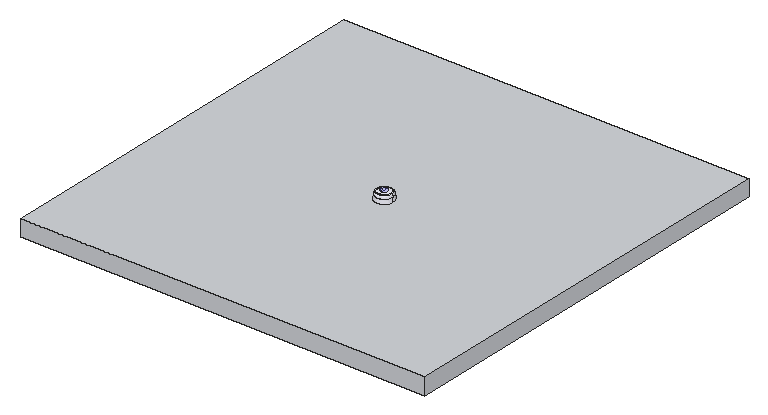
Revit family "BL2-AP Avec hôte", category Dispositifs d'éclairage, Revit 2019
Family settings
  Hôte = Face
  Conserver l'orientation des annotations = Oui
  Cote de connecteur circulaire = Utiliser le diamètre
  Type d'élément = Normal
  Couper avec des vides une fois chargée = Non
  Partagée = Non
  Point de calcul de pièce = Non
Parameters (values of type "BL2-AP réf 93317")
  Zone de detection [instance] = no
  Zone assise [instance] = Position en hauteur < 300.1 cm  # yes
  URL = "http://www.luxomat.com"
  Type de Sortie = "TOR"
  Température ambiante = "-25°C à +50°C"
  Référence = "93317+93256"
  Relais = "4.3 A"
  Position en hauteur [instance] = 250 cm
  Portée frontale [instance] = Position en hauteur * 1.92  # 480 cm
  Portée de biais [instance] = Position en hauteur * 3.2  # 800 cm
  Modèle = "BL2-AP"
  Mode de pose = "Saillie"
  Marque = "LUXOMAT"
  Image du type = 360°.jpg
  IP = "23"
  Hauteur de montage max préconisée [instance] = Hauteur de montage max  # 300 cm
  Hauteur de montage max = 300 cm
  Fabricant = "B.E.G."
  Etiquette [instance] = yes
  Default Elevation = 0 cm
  Consommation = "0.30 W"
  Commentaires du type = "DET.MOUV.1 CONTACT.360°/Ø8M APPARENT"
  Code d'assemblage = "D5010200"
  Classe = "II"
  Charge LED = "200 W"
  Charge Cos ɸ =1 = "1000 W"
  Charge Cos ɸ =0.5 = "500 VA"
  Alimentation = "110-240 V AC"
  Activitée assise [instance] = Position en hauteur * 1.28  # 320 cm
Reference planes (cm)
  plane 1 "Centre (avant/arrière)": y = 0
  plane 2: z = 0
  plane 3 "Centre (gauche/droite)": x = 0
Forms (cm)
  Extrusion 1, solid
    sketch origin (0, 0, 0) x (1, 0, 0) y (0, 1, 0)
      loop
        line (-121.92, 121.92) -> (-121.92, -121.92) -> (121.92, -121.92) -> (121.92, 121.92) -> (-121.92, 121.92)
    from 0 to -10
Dimensions and locks (cm)
  aligned and locked: plane 2 to Extrusion 1
  aligned and locked: level to Extrusion 1
Nested families (cm)
  nested 1: "Famille1" at (0, 62.5315, 0) x (-1, 0, 0) z (0, 0, 1), modele <- "Modèle", visible <- "Etiquette", référence <- "Référence", type "Famille1"
    with référence "93317+93256", modele "BL2-AP"
  nested 2: "Plafond 360° 2D" at (0, 0, 0), type "Plafond 360° 2D"
  nested 3: "Modèle BL2 AP" at (0, 0, 0), type "Standard"
  nested 4: "zone BL2" at (0, 0, 0), visible <- "Zone de detection", activité assise <- "Activitée assise", biais <- "Portée de biais", frontal <- "Portée frontale", Zone assise <- "Zone assise", type "zone BL2"
    with position 2 192 cm, position 1 320 cm, frontal 480 cm, biais 800 cm, activité assise 320 cm, Zone assise yes
Connectors (cm)
  electrical at (0, 0, 0)
    settings: index 1, voltage 230 V, apparent load 0 VA, apparent load phase1 0 VA, apparent load phase2 0 VA, apparent load phase3 0 VA, power factor 1, load classification "Eclairage", number of poles 1, system type 31, power factor state 1, is connector primary yes, connector utility no, sub classification motor no, connector description ""
Definition of nested family "Modèle BL2 AP"
  Parameters (values of type "Standard")
    d98 = 0 cm
    d106 = 0 cm
  Reference planes (cm)
    plane 1 "Centre (avant/arrière)": y = 0
    plane 2: z = 0
    plane 3 "Centre (gauche/droite)": x = 0
    plane 4: x = 0
  Forms (cm)
    Revolve 1, solid
      sketch origin (0, 0, 3.9) x (0, -1, 0) y (0, 0, 1)
        loop
          line (-4, 0.2021) -> (0, 0.2021) -> (0, 0.3938) -> (-2.25, 0.3938) -> (-4, 0.2021)
        axis (0, 0.3938) -> (0, 0.2021)
      angle from 0 to 360
    Revolve 2, solid
      sketch origin (0, 0, 3.9) x (0, -1, 0) y (0, 0, 1)
        loop
          line (0, 0.3938) -> (0, 1.8938)
          arc (0, 1.8938) -> (-1.3614, 1.4983) -> (-2.25, 0.3938) r 2.3582
          line (-2.25, 0.3938) -> (0, 0.3938)
        axis (0, 1.8938) -> (0, 0.3938)
      angle from 0 to 360
    Revolve 3, solid
      sketch origin (0, 0, 3.9) x (1, 0, 0) y (0, 0, 1)
        loop
          line (4, 0.2021) -> (0, 0.2021) -> (0, -1.2979) -> (5, -1.2979)
          arc (5, -1.2979) -> (4.857, -0.6057) -> (4.4925, 0) r 2.1006
          line (4.4925, 0) -> (4, 0.2021)
        axis (0, 0.2021) -> (0, -1.2979)
      angle from 0 to 360
    Revolve 4, solid
      sketch origin (0, 0, 3.9) x (1, 0, 0) y (0, 0, 1)
        loop
          line (0, -1.2979) -> (-5, -1.2979) -> (-5.35, -3.9) -> (0, -3.9) -> (0, -1.2979)
        axis (0, -1.2979) -> (0, -3.9)
      angle from 0 to 360
  Dimensions and locks (cm)
    aligned and locked: level to plane 2
Definition of nested family "Famille1"
  Parameters (values of type "Famille1")
    référence [instance] = ""
    modele [instance] = ""
  Reference planes (cm)
    plane 1: y = 0
    plane 2: x = 0
  Text (cm)
    label "référence\nmodele" at (0.0074, 0.0451, 0), shows "référence", "modele"
Definition of nested family "Plafond 360° 2D"
  Reference planes (cm)
    plane 1: y = 0
    plane 2: x = 0
  Lines and regions (cm)
    Filled region 1, type "rouge"
      outline origin (0, 0, 0) x (1, 0, 0) y (0, 1, 0)
        loop
          circle (0, 0) r 0.0294
    detail lines
      curve 1: arc (-0.1732, 0.1, 0) -> (-0.2, 0, 0) -> (-0.1732, -0.1, 0) r 0.2
      curve 2: arc (-0.1, -0.1732, 0) -> (0, -0.2, 0) -> (0.1, -0.1732, 0) r 0.2
      curve 3: arc (0.1732, -0.1, 0) -> (0.2, 0, 0) -> (0.1732, 0.1, 0) r 0.2
      curve 4: arc (0.1, 0.1732, 0) -> (0, 0.2, 0) -> (-0.1, 0.1732, 0) r 0.2
      curve 5: arc (-0.1375, 0.0794, 0) -> (-0.1588, 0, 0) -> (-0.1375, -0.0794, 0) r 0.1588
      curve 6: arc (-0.0794, -0.1375, 0) -> (0, -0.1588, 0) -> (0.0794, -0.1375, 0) r 0.1588
      curve 7: arc (0.1375, -0.0794, 0) -> (0.1588, 0, 0) -> (0.1375, 0.0794, 0) r 0.1588
      curve 8: arc (0.0794, 0.1375, 0) -> (0, 0.1588, 0) -> (-0.0794, 0.1375, 0) r 0.1588
      curve 9: arc (-0.1019, 0.0588, 0) -> (-0.1176, 0, 0) -> (-0.1019, -0.0588, 0) r 0.1176
      curve 10: arc (-0.0588, -0.1019, 0) -> (0, -0.1176, 0) -> (0.0588, -0.1019, 0) r 0.1176
      curve 11: arc (0.1019, -0.0588, 0) -> (0.1176, 0, 0) -> (0.1019, 0.0588, 0) r 0.1176
      curve 12: arc (0.0588, 0.1019, 0) -> (0, 0.1176, 0) -> (-0.0588, 0.1019, 0) r 0.1176
      curve 13: arc (-0.0294, 0, 0) -> (0, -0.0294, 0) -> (0.0294, 0, 0) r 0.0294
      curve 14: arc (0.0294, 0, 0) -> (0, 0.0294, 0) -> (-0.0294, 0, 0) r 0.0294
Definition of nested family "zone BL2"
  Parameters (values of type "zone BL2")
    position 2 [instance] = (frontal / 2) * 0.8  # 192 cm
    position 1 [instance] = ((biais / 2) + (frontal / 2)) / 2  # 320 cm
    frontal [instance] = 480 cm
    biais [instance] = 800 cm
    activité assise [instance] = 320 cm
    Zone assise [instance] = yes
  Reference planes (cm)
    plane 1 "Centre (avant/arrière)": y = 0
    plane 2: z = 0
    plane 3 "Centre (gauche/droite)": x = 0
    plane 4: x = -320
    plane 5: y = -192
  Lines and regions (cm)
    detail lines, in view "Niveau de réf.", visible <- "Zone assise"
      curve 1: circle (0, 0, 0) r 160 normal (0, 0, 1)
      curve 16: spline (-100.1609, 35.3835, 0) -> (-99.2494, 35.2529, 0) -> (-98.3931, 34.8281, 0) -> (-97.6502, 34.138, 0) -> (-97.0714, 33.2297, 0) -> (-96.6961, 32.165, 0) -> (-96.55, 31.0166, 0) -> (-96.643, 29.8626, 0) -> (-96.9687, 28.7818, 0) -> (-97.5049, 27.8477, 0) -> (-98.2152, 27.1241, 0) -> (-99.051, 26.6602, 0) -> (-99.9555, 26.4877, 0) -> (-100.867, 26.6183, 0) -> (-101.7234, 27.0431, 0) -> (-102.4663, 27.7332, 0) -> (-103.0451, 28.6415, 0) -> (-103.4203, 29.7062, 0) -> (-103.5664, 30.8546, 0) -> (-103.4735, 32.0085, 0) -> (-103.1478, 33.0894, 0) -> (-102.6115, 34.0234, 0) -> (-101.9013, 34.7471, 0) -> (-101.0654, 35.211, 0) -> (-100.1609, 35.3835, 0)
      curve 17: line (-100, 26, 0) -> (-100, 0, 0)
      curve 18: line (-100, 0, 0) -> (-83, 0, 0)
      curve 19: line (-83, 0, 0) -> (-83, -21, 0)
      curve 20: line (-100, 22.2972, 0) -> (-87.1203, 15.4489, 0)
      curve 21: line (-110.5298, 20.3537, 0) -> (-105.6439, -2.6328, 0)
      curve 22: line (-105.6439, -2.6328, 0) -> (-85.0082, -2.6328, 0)
      curve 23: line (-90.8164, -2.6328, 0) -> (-90.8164, -21, 0)
      curve 24: line (-102.3261, -2.6328, 0) -> (-102.3261, -21, 0)
      curve 34: line (-90.8164, 8.5, 0) -> (-64.3164, 8.5, 0)
      curve 35: line (-75.5, -21, 0) -> (-75.5, 8.5, 0)
      curve 36: line (-69, -21, 0) -> (-69, 8.5, 0)
    detail lines, in view "Niveau de réf."
      curve 2: circle (0, 0, 0) r 240 normal (0, 0, 1)
      curve 3: circle (0, 0, 0) r 400 normal (0, 0, 1)
      curve 4: line (-320, -41.4725, 0) -> (-320, 41.4725, 0)
      curve 5: line (-320, 41.4725, 0) -> (-342.1638, 13.1041, 0)
      curve 6: line (-320, 41.4725, 0) -> (-297.8362, 13.1041, 0)
      curve 10: line (0, -225.6316, 0) -> (0, -163.6316, 0)
      curve 11: line (0, -163.6316, 0) -> (-22.1638, -192, 0)
      curve 12: line (0, -163.6316, 0) -> (22.1638, -192, 0)
    detail lines, in view "Niveau de réf.", not visible
      curve 7: line (628.0656, -64.277, 0) -> (628.0656, 18.6681, 0)
      curve 8: line (628.0656, 18.6681, 0) -> (605.9018, -9.7003, 0)
      curve 9: line (628.0656, 18.6681, 0) -> (650.2294, -9.7003, 0)
      curve 13: line (628.0656, -43.3319, 0) -> (628.0656, 18.6681, 0)
      curve 14: line (628.0656, 18.6681, 0) -> (605.9018, -9.7003, 0)
      curve 15: line (628.0656, 18.6681, 0) -> (650.2294, -9.7003, 0)
    detail lines, in view "Niveau de réf.", visible <- "Zone assise", not visible
      curve 25: spline (932.3619, 15.8637, 0) -> (933.2734, 15.7331, 0) -> (934.1297, 15.3083, 0) -> (934.8726, 14.6182, 0) -> (935.4514, 13.7099, 0) -> (935.8267, 12.6452, 0) -> (935.9728, 11.4968, 0) -> (935.8798, 10.3428, 0) -> (935.5541, 9.262, 0) -> (935.0179, 8.3279, 0) -> (934.3076, 7.6043, 0) -> (933.4718, 7.1404, 0) -> (932.5673, 6.9679, 0) -> (931.6558, 7.0985, 0) -> (930.7994, 7.5233, 0) -> (930.0565, 8.2134, 0) -> (929.4777, 9.1217, 0) -> (929.1025, 10.1864, 0) -> (928.9564, 11.3348, 0) -> (929.0493, 12.4888, 0) -> (929.375, 13.5696, 0) -> (929.9113, 14.5037, 0) -> (930.6215, 15.2273, 0) -> (931.4574, 15.6912, 0) -> (932.3619, 15.8637, 0)
      curve 26: line (932.5228, 6.4802, 0) -> (932.5228, -19.5198, 0)
      curve 27: line (932.5228, -19.5198, 0) -> (949.5228, -19.5198, 0)
      curve 28: line (949.5228, -19.5198, 0) -> (949.5228, -40.5198, 0)
      curve 29: line (932.5228, 2.7774, 0) -> (945.4025, -4.0709, 0)
      curve 30: line (921.993, 0.8339, 0) -> (926.8789, -22.1526, 0)
      curve 31: line (926.8789, -22.1526, 0) -> (947.5146, -22.1526, 0)
      curve 32: line (941.7064, -22.1526, 0) -> (941.7064, -40.5198, 0)
      curve 33: line (930.1967, -22.1526, 0) -> (930.1967, -40.5198, 0)
      curve 37: line (941.7064, -11.0198, 0) -> (968.2064, -11.0198, 0)
      curve 38: line (957.0228, -40.5198, 0) -> (957.0228, -11.0198, 0)
      curve 39: line (963.5228, -40.5198, 0) -> (963.5228, -11.0198, 0)
  Dimensions and locks (cm)
    "position 1": plane 4 to plane 3 "Centre (gauche/droite)"
    "position 2": plane 5 to plane 1 "Centre (avant/arrière)"
    "activité assise": diameter of curve 1
    "biais": diameter of curve 3
    "frontal": diameter of curve 2
    aligned and locked: plane 4 to curve 4
    aligned and locked: plane 1 "Centre (avant/arrière)" to curve 18
    aligned and locked: curve 10 to plane 3 "Centre (gauche/droite)"
    aligned and locked: plane 5 to curve 12
  Automatic sketch dimensions
    curve 5 to curve 5 = 22.1638 cm
    curve 4 to curve 6 = 22.1638 cm
    curve 6 to curve 5 = 28.3684 cm
    curve 5 to curve 5 = 28.3684 cm
    curve 4 to curve 5 = 54.5767 cm
    curve 8 to curve 8 = 22.1638 cm
    curve 7 to curve 9 = 22.1638 cm
    curve 9 to curve 8 = 28.3684 cm
    curve 8 to curve 8 = 28.3684 cm
    curve 7 to curve 8 = 54.5767 cm
    curve 21 to curve 17 = 5.6439 cm
    curve 17 to curve 19 = 17 cm
    curve 22 to curve 19 = 2.6328 cm
    curve 21 to curve 20 = 10.5298 cm
    curve 21 to curve 24 = 3.3178 cm
    curve 16 to curve 17 = 0.1609 cm
    curve 16 to curve 16 = 0.1027 cm
    curve 23 to curve 18 = 7.8164 cm
    curve 34 to curve 23 = 0 cm
    curve 34 to curve 20 = 3.6961 cm
    curve 22 to curve 18 = 2.0082 cm
    curve 19 to curve 35 = 7.5 cm
    curve 35 to curve 36 = 6.5 cm
    curve 36 to curve 34 = 4.6836 cm
    curve 35 to curve 22 = 18.3672 cm
    curve 23 to curve 35 = 0 cm
    curve 19 to curve 35 = 0 cm
    curve 35 to curve 36 = 0 cm
    curve 24 to curve 23 = 0 cm
    curve 18 to curve 36 = 8.5 cm
    curve 34 to curve 20 = 6.9489 cm
    curve 17 to curve 21 = 20.3537 cm
    curve 21 to curve 20 = 1.9435 cm
    curve 20 to curve 17 = 3.7028 cm
    curve 17 to curve 16 = 4.9356 cm
    curve 30 to curve 26 = 5.6439 cm
    curve 26 to curve 28 = 17 cm
    curve 31 to curve 28 = 2.6328 cm
    curve 30 to curve 29 = 10.5298 cm
    curve 30 to curve 33 = 3.3178 cm
    curve 25 to curve 26 = 0.1609 cm
    curve 25 to curve 25 = 0.1027 cm
    curve 32 to curve 27 = 7.8164 cm
    curve 37 to curve 32 = 0 cm
    curve 37 to curve 29 = 3.6961 cm
    curve 31 to curve 27 = 2.0082 cm
    curve 28 to curve 38 = 7.5 cm
    curve 38 to curve 39 = 6.5 cm
    curve 39 to curve 37 = 4.6836 cm
    curve 38 to curve 31 = 18.3672 cm
    curve 32 to curve 38 = 0 cm
    curve 28 to curve 38 = 0 cm
    curve 38 to curve 39 = 0 cm
    curve 33 to curve 32 = 0 cm
    curve 27 to curve 39 = 8.5 cm
    curve 37 to curve 29 = 6.9489 cm
    curve 26 to curve 30 = 20.3537 cm
    curve 30 to curve 29 = 1.9435 cm
    curve 29 to curve 26 = 3.7028 cm
    curve 26 to curve 25 = 4.9356 cm
    curve 11 to curve 10 = 22.1638 cm
    curve 10 to curve 12 = 22.1638 cm
    curve 12 to curve 10 = 28.3684 cm
    curve 11 to curve 10 = 28.3684 cm
    curve 10 to curve 11 = 33.6316 cm
    curve 14 to curve 13 = 22.1638 cm
    curve 13 to curve 15 = 22.1638 cm
    curve 15 to curve 13 = 28.3684 cm
    curve 14 to curve 13 = 28.3684 cm
    curve 13 to curve 14 = 33.6316 cm
    curve 1 to curve 2 = 0 cm  (x2)
    curve 1 to curve 3 = 0 cm  (x2)
    curve 2 to curve 3 = 0 cm  (x2)
    plane 1 "Centre (avant/arrière)" to curve 2 = 0 cm
    curve 2 to plane 3 "Centre (gauche/droite)" = 0 cm
